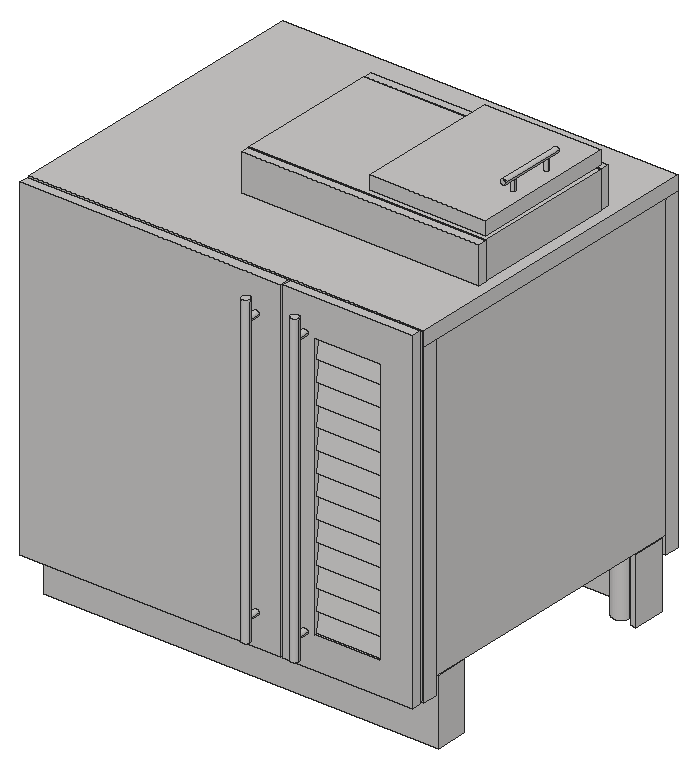
Revit family "Outdoor-Kitchen-Equipment_Kalamazoo-Smoker-Cabinets1", category Specialty Equipment, Revit 2018
Family settings
  Round Connector Dimension = Use Diameter
  Part Type = Normal
  OmniClass Number = 23.40.40.14.17
  OmniClass Title = Food Cooking Equipment
  Work Plane-Based = No
  Always vertical = Yes
  Cut with Voids When Loaded = No
  Shared = No
  Room Calculation Point = No
Parameters (values of type "K-SMOKE-36")
  Ι_Gnrc Mdl Optn 02 = Extension : -3/4"
  Ι_Gnrc Mdl Optn 01 = Extension : +3/4"
  Ι_FT70 = not(Ι_FT60)  # yes
  Ι_FT60 = no
  Ι_Dstnc [instance] = if(and(Ι_FT70, Height Extension = Ι_Gnrc Mdl Optn 01), 5.00", if(and(Ι_FT70, Height Extension = Ι_Gnrc Mdl Optn 02), 3.50", 4.25"))  # 4.25"
  Width = if(Ι_FT70, 36.00", 48.30078")  # 36.00"
  Weight (lb) = 404.999 lbf
  Voltage = 120 V
  URL = "https://kalamazoogourmet.com/products/built-in-smoker-cabinet/"
  Total Heating Capacity = 0.0 Btu/h
  Product data url = "https://www.bimobject.com/en-us/kalamazoogourmet/product/smoker-cabinets"
  Product Material = Kalamazoo - Stainless Steel - 304 OR 316L
  Product Guid = "2cceb01d-0b20-4e6c-b607-23c7b917c3ba"  # constant formula
  Power Factor = 0.8
  Number of Poles = 3
  Model = "K-SMOKE-36"
  Manufacturer = "Kalamazoo Outdoor Gourmet\r\n"  # constant formula
  Keynote = "11400"
  Height Extension [instance] = Extension : None
  Height [instance] = 36.95" + Ι_Dstnc  # 41.20"
  Front Toe-Kick [instance] = yes
  Frequency = 60 Hz
  FTK [instance] = and([Front Toe-Kick], Ι_FT70)  # yes
  Edition number = 1  # constant formula
  Description = "Built-In Smoker Cabinet"
  Depth = if(Ι_FT70, 30.00", 32.62891")  # 30.00"
  Current = 3 A
  Back Toe-Kick [instance] = yes
  BTK [instance] = and([Back Toe-Kick], Ι_FT70)  # yes
  Assembly Code = "E1090300"
  Apparent Load = Voltage * Current  # 360 VA
Types (3): name | Ι_FT70 | Ι_FT60 | Width | Weight (lb) | URL | Model | Front Toe-Kick | FTK | Description | Depth | Back Toe-Kick | BTK
  (no name) | yes | no | 36.00" | 404.999 lbf | "https://kalamazoogourmet.com/products/built-in-smoker-cabinet/" | "K-SMOKE-36" | yes | yes | "Built-In Smoker Cabinet" | 30.00" | yes | yes
  K-SMOKE-36 | yes | no | 36.00" | 404.999 lbf | "https://kalamazoogourmet.com/products/built-in-smoker-cabinet/" | "K-SMOKE-36" | yes | yes | "Built-In Smoker Cabinet" | 30.00" | yes | yes
  K-SMOKE-42-R | no | yes | 48.30078" | 489.999 lbf | "https://kalamazoogourmet.com/products/freestanding-smoker-cabinet/" | "K-SMOKE-42-R" | no | no | "Freestanding Smoker Cabinet" | 32.62891" | no | no
Reference planes (in)
  plane 1 "Center (Front/Back)": y = 0
  plane 2: z = 0
  plane 3 "Center (Left/Right)": x = 0
  plane 4: x = -18
  plane 5: x = 18
  plane 6: z = 4.25
  plane 7: z = 5.9235
  plane 8: z = 41.2
  plane 9: x = -14.85451
  plane 10: x = 14.85451
Forms (in)
  Extrusion 1, solid, material "Kalamazoo - Stainless Steel - 304 OR 316L" <- "Product Material", visible <- "Ι_FT70"
    sketch origin (0, 0, 0) x (1, 0, 0) y (0, 1, 0)
      loop
        circle (-16.0096, -3.92709) r 0.80748
      loop
        circle (16.0096, -3.92709) r 0.80748
      loop
        circle (-16.0096, -25.92709) r 0.80748
      loop
        circle (16.0096, -25.92709) r 0.80748
    from 0 to 5.9235
  Extrusion 2, solid, material "Kalamazoo - Stainless Steel - 304 OR 316L" <- "Product Material", visible <- "Ι_FT60"
    sketch origin (0, 0, 0) x (1, 0, 0) y (0, 0, 1)
      loop
        circle (-8.60825, 2) r 2
      loop
        circle (8.61212, 2) r 2
    from 25.028 to 26.278
  Extrusion 3, solid, material "Kalamazoo - Stainless Steel - 304 OR 316L" <- "Product Material", visible <- "Ι_FT60"
    sketch origin (0, 0, 0) x (1, 0, 0) y (0, 0, 1)
      loop
        circle (-8.60825, 2) r 2
      loop
        circle (8.61212, 2) r 2
    from 2.617 to 3.87626
  Extrusion 4, solid, material "Kalamazoo - Stainless Steel - 304 OR 316L" <- "Product Material", visible <- "Ι_FT60"
    sketch origin (0, 0, 0) x (1, 0, 0) y (0, 0, 1)
      loop
        line (-7.76512, 4.25) -> (-7.76512, 5.9235) -> (-9.44772, 5.9235) -> (-9.44772, 4.25) -> (-9.10114, 1.88452)
        arc (-9.10114, 1.88452) -> (-8.60642, 1.457) -> (-8.1117, 1.88452) r 0.5
        line (-8.1117, 1.88452) -> (-7.76512, 4.25)
      loop
        line (9.4558, 4.25) -> (9.4558, 5.9235) -> (7.7732, 5.9235) -> (7.7732, 4.25) -> (8.11978, 1.88452)
        arc (8.11978, 1.88452) -> (8.6145, 1.457) -> (9.10922, 1.88452) r 0.5
        line (9.10922, 1.88452) -> (9.4558, 4.25)
    from 2.332 to 4.152
  Extrusion 5, solid, material "Kalamazoo - Stainless Steel - 304 OR 316L" <- "Product Material", visible <- "Ι_FT60"
    sketch origin (0, 0, 0) x (1, 0, 0) y (0, 0, 1)
      loop
        line (-9.44772, 4.25) -> (-9.10114, 1.88452)
        arc (-9.10114, 1.88452) -> (-8.60642, 1.457) -> (-8.1117, 1.88452) r 0.5
        line (-8.1117, 1.88452) -> (-7.76512, 4.25) -> (-7.76512, 5.9235) -> (-9.44772, 5.9235) -> (-9.44772, 4.25)
      loop
        line (9.4558, 4.25) -> (9.4558, 5.9235) -> (7.7732, 5.9235) -> (7.7732, 4.25) -> (8.11978, 1.88452)
        arc (8.11978, 1.88452) -> (8.6145, 1.457) -> (9.10922, 1.88452) r 0.5
        line (9.10922, 1.88452) -> (9.4558, 4.25)
    from 24.743 to 26.563
  Extrusion 6, solid, material "Kalamazoo - Stainless Steel - 304 OR 316L" <- "Product Material", visible <- "BTK"
    sketch origin (0, 0.5, 0) x (1, 0, 0) y (0, 1, 0)
      loop
        line (18, -2.332) -> (-18, -2.332) -> (-18, -5.23457) -> (-17.5, -5.23457) -> (-17.5, -2.832) -> (17.5, -2.832) -> (17.5, -5.23457) -> (18, -5.23457) -> (18, -2.332)
    from 0 to 5.9235
  Extrusion 7, solid, material "Kalamazoo - Stainless Steel - 304 OR 316L" <- "Product Material", visible <- "FTK"
    sketch origin (0, -29.56404, 0) x (1, 0, 0) y (0, 1, 0)
      loop
        line (18, 2.332) -> (18, 5.23457) -> (17.5, 5.23457) -> (17.5, 2.832) -> (-17.5, 2.832) -> (-17.5, 5.23457) -> (-18, 5.23457) -> (-18, 2.332) -> (18, 2.332)
    from 0 to 5.9235
Dimensions and locks (in)
  equal spacing: plane 4, plane 3 "Center (Left/Right)", plane 5
  "Width": plane 4 to plane 5
  locked: plane 7 to plane 6 at 1.6735
  "Ι_Dstnc": plane 6 to plane 2
  locked: Extrusion 2 sketch curve to plane 2 at 2  (x2)
  "Height": plane 8 to level
  locked: plane 4 to plane 9 at 3.14549
  locked: plane 10 to plane 5 at 3.14549
  locked: plane 8 to nested 1 at 1.3625
  locked: Extrusion 2 sketch curve to plane 5 at 9.38788
  locked: plane 4 to Extrusion 2 sketch curve at 9.39175
  aligned and locked: plane 2 to level
  aligned and locked: plane 3 "Center (Left/Right)" to nested 1
  aligned and locked: Extrusion 1 to plane 2
  aligned and locked: plane 7 to Extrusion 1
  aligned and locked: Extrusion 6 to plane 2
  aligned and locked: plane 7 to Extrusion 6
  aligned and locked: Extrusion 3 sketch curve to Extrusion 2  (x4)
  aligned and locked: Extrusion 4 sketch curve to Extrusion 5  (x10)
  aligned and locked: Extrusion 7 to plane 7
Automatic sketch dimensions
  Extrusion 1 sketch curve to plane 4 = 1.9904"  (x2)
  plane 5 to Extrusion 1 sketch curve = 1.9904"  (x2)
  plane 1 "Center (Front/Back)" to Extrusion 1 sketch curve = 25.92709"  (x2)
  plane 1 "Center (Front/Back)" to Extrusion 1 sketch curve = 3.92709"  (x2)
  Extrusion 5 sketch curve to plane 6 = 0.00"  (x4)
  Extrusion 5 sketch curve to plane 7 = 0.00"  (x2)
  Extrusion 5 sketch curve to plane 4 = 8.55228"
  Extrusion 5 sketch curve to plane 4 = 8.89886"
  Extrusion 5 sketch curve to Extrusion 5 sketch curve = 0.49472"  (x4)
  level to Extrusion 5 sketch curve = 1.88452"  (x2)
  Extrusion 5 sketch curve to Extrusion 5 sketch curve = 1.6826"  (x2)
  plane 5 to Extrusion 5 sketch curve = 10.2268"
  Extrusion 5 sketch curve to Extrusion 5 sketch curve = 0.34658"
  Extrusion 5 sketch curve to Extrusion 5 sketch curve = 0.07248"  (x2)
  Extrusion 6 sketch curve to plane 4 = 0.00"
  Extrusion 6 sketch curve to plane 5 = 0.00"
  Extrusion 6 sketch curve to plane 4 = 0.50"
  plane 5 to Extrusion 6 sketch curve = 0.50"
  plane 1 "Center (Front/Back)" to Extrusion 6 sketch curve = 4.73457"  (x2)
  plane 1 "Center (Front/Back)" to Extrusion 6 sketch curve = 2.332"
  Extrusion 6 sketch curve to Extrusion 6 sketch curve = 0.50"
  Extrusion 7 sketch curve to plane 4 = 0.00"
  Extrusion 7 sketch curve to plane 5 = 0.00"
  plane 4 to Extrusion 7 sketch curve = 0.50"
  Extrusion 7 sketch curve to plane 5 = 0.50"
  Extrusion 7 sketch curve to plane 1 "Center (Front/Back)" = 24.32947"  (x2)
  Extrusion 7 sketch curve to Extrusion 7 sketch curve = 2.40257"
  Extrusion 7 sketch curve to Extrusion 7 sketch curve = 0.50"
  level to Extrusion 4 sketch curve = 1.88452"
  Extrusion 4 sketch curve to Extrusion 4 sketch curve = 0.07248"
  Extrusion 4 sketch curve to plane 6 = 0.00"
  Extrusion 4 sketch curve to Extrusion 4 sketch curve = 0.49472"  (x2)
  radius of Extrusion 1 sketch curve = 0.80748"  (x4)
  radius of Extrusion 2 sketch curve = 2.00"  (x2)
Nested families (in)
  nested 1: "Family1" at (0, 0, 4.4105), type "Family1"
Connectors (in)
  electrical at (0, -1.3125, 19.82), driven by "Number of Poles", driven by "Voltage", driven by "Apparent Load", driven by "Apparent Load", driven by "Apparent Load", driven by "Power Factor"
    settings: on nested 1, index 1, voltage 120 V, apparent load 0 VA, apparent load phase1 360 VA, apparent load phase2 360 VA, apparent load phase3 360 VA, power factor 0.8, load classification "Other", number of poles 3, system type 31, power factor state 1, is connector primary yes, connector utility no, sub classification motor no, connector description "Power Connector"
Definition of nested family "Family1"
  Parameters (values of type "Family1")
    b = not(a)  # yes
    a = no
    Product Material = none
  Reference planes (in)
    plane 1 "Center (Front/Back)": y = 0
    plane 2: z = 0
    plane 3 "Center (Left/Right)": x = 0
    plane 4: x = -18.0049
    plane 5: x = 18.0049
    plane 6: z = 0
    plane 7: z = 30.459
    plane 8: z = 1.6735
  Forms (in)
    Extrusion 1, solid, material <- "Product Material"
      sketch origin (0, 0, 0) x (0, 1, 0) y (0, 0, 1)
        loop
          line (-28.895, 0) -> (-27.5825, 0) -> (-27.5825, 29.1455) -> (-28.895, 29.1455) -> (-28.895, 0)
        loop
          line (-1.3125, 0) -> (0, 0) -> (0, 29.1455) -> (-1.3125, 29.1455) -> (-1.3125, 0)
      from -18.0049 to 18.0049
    Extrusion 2, solid, material <- "Product Material"
      sketch origin (0, 0, 0) x (0, 1, 0) y (0, 0, 1)
        loop
          line (0, 30.459) -> (-28.895, 30.459) -> (-28.895, 29.1455) -> (0, 29.1455) -> (0, 30.459)
      from -18.0049 to 18.0049
    Extrusion 3, solid, material <- "Product Material"
      sketch origin (0, 0, 0) x (0, 1, 0) y (0, 0, 1)
        loop
          line (-27.5825, 29.1455) -> (-27.5825, 1.6735) -> (-1.3125, 1.6735) -> (-1.3125, 29.1455) -> (-27.5825, 29.1455)
      from -18.0049 to 18.0049
    Extrusion 4, solid, material <- "Product Material"
      sketch origin (0, 0, 0) x (1, 0, 0) y (0, 1, 0)
        loop
          line (-17.9141, -29.171) -> (-17.9141, -30.0315) -> (5.8859, -30.0315) -> (5.8859, -29.171) -> (-17.9141, -29.171)
      from 0 to 30.459
    Extrusion 5, solid, material <- "Product Material", detail levels fine
      sketch origin (0, 0, 0) x (1, 0, 0) y (0, 1, 0)
        loop
          line (6.0639, -29.171) -> (6.0639, -30.0315) -> (17.8639, -30.0315) -> (17.8639, -29.171) -> (6.0639, -29.171)
      from 0 to 30.459
    Extrusion 6, solid, material <- "Product Material"
      sketch origin (0, 0, 0) x (1, 0, 0) y (0, 1, 0)
        loop
          line (-4.64635, -7.42845) -> (-4.64635, -20.54805) -> (16.97325, -20.54805) -> (16.97325, -7.42845) -> (-4.64635, -7.42845)
      from 30.459 to 33.8068
    Extrusion 7, solid, material <- "Product Material"
      sketch origin (0, 0, 0) x (1, 0, 0) y (0, 1, 0)
        loop
          line (-4.64635, -6.61595) -> (-4.64635, -7.36595) -> (16.97325, -7.36595) -> (16.97325, -6.61595) -> (-4.64635, -6.61595)
        loop
          line (-4.64635, -20.61055) -> (-4.64635, -21.36055) -> (16.97325, -21.36055) -> (16.97325, -20.61055) -> (-4.64635, -20.61055)
      from 30.459 to 33.8068
    Extrusion 8, solid, material <- "Product Material"
      sketch origin (0, 0, 0) x (1, 0, 0) y (0, 1, 0)
        loop
          line (6.39816, -7.42845) -> (6.39816, -20.54805) -> (16.97325, -20.54805) -> (16.97325, -7.42845) -> (6.39816, -7.42845)
      from 34.19596 to 35.427
    Extrusion 9, solid, material <- "Product Material"
      sketch origin (0, 0, 0) x (0, 1, 0) y (0, 0, 1)
        loop
          line (-17.54028, 34.19596) -> (-17.54028, 33.8068) -> (-10.45963, 33.8068) -> (-10.45963, 34.19596) -> (-17.54028, 34.19596)
      from 7.40309 to 16.19836
    Extrusion 10, solid, material <- "Product Material"
      sketch origin (0, 0, 0) x (1, 0, 0) y (0, 1, 0)
        loop
          line (-17.7821, -28.895) -> (-17.7821, -29.171) -> (17.79147, -29.171) -> (17.79147, -28.895) -> (-17.7821, -28.895)
      from 0.101 to 30.255
    Extrusion 11, solid, material <- "Product Material", detail levels fine
      sketch origin (0, 0, 0) x (1, 0, 0) y (0, 0, 1)
        loop
          circle (15.72325, 36.552) r 0.2375
      from 10.97263 to 17.00388
    Extrusion 12, solid, material <- "Product Material", detail levels fine
      sketch origin (0, 0, 0) x (1, 0, 0) y (0, 1, 0)
        loop
          circle (3.6359, -31.219) r 0.375
        loop
          circle (8.0639, -31.219) r 0.375
      from 1.08 to 29.08
    Extrusion 13, solid, material <- "Product Material", detail levels fine
      sketch origin (0, 0, 0) x (1, 0, 0) y (0, 0, 1)
        loop
          circle (3.64163, 27.30628) r 0.25
        loop
          circle (8.06752, 27.30628) r 0.25
        loop
          circle (3.63381, 2.88832) r 0.25
        loop
          circle (8.06361, 2.88832) r 0.25
      from 30.0315 to 31.15746
    Extrusion 14, solid, material <- "Product Material", detail levels fine
      sketch origin (0, 0, 0) x (1, 0, 0) y (0, 1, 0)
        loop
          circle (15.72401, -12.09467) r 0.18808
        loop
          circle (15.72401, -15.88373) r 0.18808
      from 35.427 to 36.552
    Sweep 15, void
      path origin (0, 0, 0) x (1, 0, 0) y (0, 1, 0)
        loop
          line (8.9389, 0) -> (14.9889, 0)
      profile origin (11.9639, 0, 0) x (0, 1, 0) y (0, 0, 1)
        loop
          line (-32.12267, 27.16637) -> (-32.12267, 2.89293) -> (-29.51589, 2.89293) -> (-29.92656, 2.99684) -> (-29.51589, 4.76402) -> (-29.92656, 4.83799) -> (-29.51589, 6.63512) -> (-29.92656, 6.71154) -> (-29.51589, 8.50621) -> (-29.92656, 8.58454) -> (-29.51589, 10.3773) -> (-29.92656, 10.45863) -> (-29.51589, 12.2484) -> (-29.92656, 12.33411) -> (-29.51589, 14.11949) -> (-29.92656, 14.20359) -> (-29.51589, 15.99058) -> (-29.92656, 16.07328) -> (-29.51589, 17.86174) -> (-29.92656, 17.95522) -> (-29.51589, 19.73277) -> (-29.92656, 19.82346) -> (-29.53628, 21.60308) -> (-29.93686, 21.69556) -> (-29.52598, 23.47525) -> (-29.92656, 23.56773) -> (-29.51589, 25.34654) -> (-29.91646, 25.43902) -> (-29.51767, 27.16637) -> (-32.12267, 27.16637)
    Extrusion 16, solid, material <- "Product Material", detail levels coarse+medium
      sketch origin (0, 0, 0) x (1, 0, 0) y (0, 1, 0)
        loop
          line (6.0639, -29.171) -> (6.0639, -30.0315) -> (17.8639, -30.0315) -> (17.8639, -29.171) -> (6.0639, -29.171)
      from 0 to 30.459
    Extrusion 17, solid, material <- "Product Material", visible <- "a"
      sketch origin (0, 0, 0) x (1, 0, 0) y (0, 0, 1)
        loop
          line (18.0049, 30.459) -> (18.0049, 0) -> (21.0049, 0) -> (21.0049, 30.459) -> (18.0049, 30.459)
        loop
          line (-18.0049, 30.459) -> (-21.0049, 30.459) -> (-21.0049, 0) -> (-18.0049, 0) -> (-18.0049, 30.459)
      from 0 to 30.0315
    Extrusion 18, solid, material <- "Product Material", visible <- "a"
      sketch origin (0, 0, 0) x (1, 0, 0) y (0, 1, 0)
        loop
          line (-22, 1) -> (-22, -31) -> (22, -31) -> (22, 1) -> (-22, 1)
        loop
          line (-4.77625, -6.49095) -> (-4.77625, -21.48555) -> (17.09335, -21.48555) -> (17.09335, -6.49095) -> (-4.77625, -6.49095)
      from 30.459 to 30.91944
    Extrusion 19, solid, material <- "Product Material", visible <- "a", detail levels fine
      sketch origin (0, 0, 0) x (1, 0, 0) y (0, 0, 1)
        loop
          circle (-23.5069, 28.447) r 0.625
        loop
          circle (23.5049, 28.445) r 0.625
      from 5 to 25
    Extrusion 20, solid, visible <- "a", detail levels fine
      sketch origin (0, 0, 0) x (0, 1, 0) y (0, 0, 1)
        loop
          circle (-22.48741, 28.46346) r 0.5
        loop
          circle (-7.51866, 28.46346) r 0.5
      from -23.08654 to -21.0049
    Extrusion 21, solid, visible <- "a", detail levels fine
      sketch origin (0, 0, 0) x (0, 1, 0) y (0, 0, 1)
        loop
          circle (-22.48741, 28.46346) r 0.5
        loop
          circle (-7.51866, 28.46346) r 0.5
      from 21.0049 to 23.49634
  Cuts and joins
    Sweep 15 cuts Extrusion 5
  Lines and regions (in)
    Masking region 1, visible <- "b"
      outline origin (0, 0, 0) x (1, 0, 0) y (0, 1, 0)
        loop
          line (-18.0049, 0) -> (-18.0049, -28.895) -> (18.0049, -28.895) -> (18.0049, 0) -> (-18.0049, 0)
    Masking region 2, visible <- "b"
      outline origin (0, 0, 0) x (1, 0, 0) y (0, 1, 0)
        loop
          line (-17.9141, -29.171) -> (-17.9141, -30.0315) -> (5.8859, -30.0315) -> (5.8859, -29.171) -> (-17.9141, -29.171)
        loop
          line (6.0639, -29.171) -> (6.0639, -30.0315) -> (17.8639, -30.0315) -> (17.8639, -29.171) -> (6.0639, -29.171)
    Masking region 3, visible <- "b"
      outline origin (0, 0, 0) x (1, 0, 0) y (0, 1, 0)
        loop
          line (-17.7821, -28.895) -> (-17.7821, -29.171) -> (17.79147, -29.171) -> (17.79147, -28.895) -> (-17.7821, -28.895)
    Masking region 4, visible <- "a"
      outline origin (0, 0, 0) x (1, 0, 0) y (0, 1, 0)
        loop
          line (-22, 1) -> (-22, -31) -> (22, -31) -> (22, 1) -> (-22, 1)
    Masking region 5, visible <- "a", detail levels fine
      outline origin (0, 0, 0) x (1, 0, 0) y (0, 1, 0)
        loop
          line (-22.8819, -5) -> (-24.1319, -5) -> (-24.1319, -25) -> (-22.8819, -25) -> (-22.8819, -22.98741) -> (-22, -22.98741) -> (-22, -21.98741) -> (-22.8819, -21.98741) -> (-22.8819, -8.01866) -> (-22, -8.01866) -> (-22, -7.01866) -> (-22.8819, -7.01866) -> (-22.8819, -5)
        loop
          line (22.8819, -5) -> (22.8819, -7.01866) -> (22, -7.01866) -> (22, -8.01866) -> (22.8819, -8.01866) -> (22.8819, -21.98741) -> (22, -21.98741) -> (22, -22.98741) -> (22.8819, -22.98741) -> (22.8819, -25) -> (24.1319, -25) -> (24.1319, -5) -> (22.8819, -5)
    Masking region 6, visible <- "b", detail levels fine
      outline origin (0, 0, 0) x (1, 0, 0) y (0, 1, 0)
        loop
          arc (3.38381, -30.94137) -> (3.63343, -31.59399) -> (3.89163, -30.94472) r 0.375
          line (3.89163, -30.94472) -> (3.89163, -30.0315) -> (3.38381, -30.0315) -> (3.38381, -30.94137)
        loop
          arc (7.81181, -30.94137) -> (8.06143, -31.59399) -> (8.31963, -30.94472) r 0.375
          line (8.31963, -30.94472) -> (8.31963, -30.0315) -> (7.81181, -30.0315) -> (7.81181, -30.94137)
    symbolic lines, visible <- "b", detail levels medium+fine
      curve 1: line (-15.94573, 0, 0) -> (-15.94573, -28.895, 0)
      curve 2: line (-15.94573, -26.8, 0) -> (5.9079, -26.8, 0)
      curve 3: line (5.9079, -28.895, 0) -> (5.9079, -21.36055, 0)
      curve 4: line (8.1639, -21.36055, 0) -> (8.1639, -28.895, 0)
      curve 5: line (15.9569, -21.36055, 0) -> (15.9569, -28.895, 0)
      curve 6: line (-15.94573, -2.095, 0) -> (5.9079, -2.095, 0)
      curve 7: line (5.9079, 0, 0) -> (5.9079, -6.5, 0)
      curve 8: line (8.1619, -6.5, 0) -> (8.1619, 0, 0)
      curve 9: line (15.9569, 0, 0) -> (15.9569, -6.5, 0)
    symbolic lines, detail levels medium+fine
      curve 10: line (-4.64635, -6.61595, 0) -> (16.97325, -6.61595, 0)
      curve 11: line (-4.64635, -7.36595, 0) -> (-4.64635, -6.61595, 0)
      curve 12: line (16.97325, -7.36595, 0) -> (-4.64635, -7.36595, 0)
      curve 13: line (16.97325, -6.61595, 0) -> (16.97325, -7.36595, 0)
      curve 14: line (-4.64635, -20.61055, 0) -> (16.97325, -20.61055, 0)
      curve 15: line (-4.64635, -21.36055, 0) -> (-4.64635, -20.61055, 0)
      curve 16: line (16.97325, -21.36055, 0) -> (-4.64635, -21.36055, 0)
      curve 17: line (16.97325, -20.61055, 0) -> (16.97325, -21.36055, 0)
      curve 18: line (-4.64635, -7.42845, 0) -> (6.39816, -7.42845, 0)
      curve 19: line (-4.64635, -20.54805, 0) -> (-4.64635, -7.42845, 0)
      curve 20: line (6.39816, -20.54805, 0) -> (-4.64635, -20.54805, 0)
      curve 21: line (6.39816, -7.42845, 0) -> (6.39816, -20.54805, 0)
      curve 22: line (6.39816, -7.42845, 0) -> (16.97325, -7.42845, 0)
      curve 23: line (6.39816, -20.54805, 0) -> (6.39816, -7.42845, 0)
      curve 24: line (16.97325, -20.54805, 0) -> (6.39816, -20.54805, 0)
      curve 25: line (16.97325, -7.42845, 0) -> (16.97325, -20.54805, 0)
    symbolic lines, detail levels fine
      curve 26: line (15.48575, -10.97263, 0) -> (15.96075, -10.97263, 0)
      curve 27: line (15.48575, -17.00388, 0) -> (15.48575, -10.97263, 0)
      curve 28: line (15.96075, -17.00388, 0) -> (15.48575, -17.00388, 0)
      curve 29: line (15.96075, -10.97263, 0) -> (15.96075, -17.00388, 0)
  Dimensions and locks (in)
    equal spacing: plane 4, plane 3 "Center (Left/Right)", plane 5
    plane 6 to plane 2 = 0.00"
    locked: plane 7 to plane 6 at 30.459
    locked: plane 7 to Extrusion 1 sketch curve at 1.3135  (x2)
    locked: Extrusion 2 sketch curve to plane 7 at 1.3135
    locked: Extrusion 3 sketch curve to plane 6 at 1.6735
    locked: Extrusion 3 sketch curve to plane 7 at 1.3135
    locked: plane 4 to Extrusion 4 sketch curve at 0.0908
    locked: Extrusion 4 sketch curve to plane 5 at 12.119
    locked: Extrusion 5 sketch curve to plane 5 at 0.141
    locked: plane 4 to Extrusion 5 sketch curve at 24.0688
    locked: plane 8 to plane 6 at 1.6735
    locked: Extrusion 10 sketch curve to plane 5 at 0.21343
    locked: plane 4 to Extrusion 10 sketch curve at 0.2228
    locked: Extrusion 11 sketch curve to plane 7 at 6.093
    locked: plane 7 to Extrusion 13 sketch curve at 3.15272  (x2)
    locked: plane 7 to Extrusion 13 sketch curve at 27.57068  (x2)
    locked: plane 7 to Extrusion 12 at 1.379
    locked: plane 8 to Extrusion 12 at 0.5935
    locked: plane 7 to Extrusion 10 at 0.204
    locked: plane 6 to Extrusion 10 at 0.101
    locked: Extrusion 7 to plane 7 at 3.3478
    locked: Extrusion 6 to plane 7 at 3.3478
    plane 7 to Extrusion 9 sketch curve to Extrusion 9 sketch curve = 3.3478" locked, 0.38916" locked
    Extrusion 14 to Extrusion 14 to plane 7 = 1.125" locked, 4.968" locked
    Extrusion 8 to Extrusion 8 to plane 7 = 1.23104" locked, 3.73696" locked
    aligned and locked: plane 2 to level
    aligned and locked: Extrusion 1 to plane 4
    aligned and locked: plane 5 to Extrusion 1
    aligned and locked: Extrusion 2 to plane 4
    aligned and locked: plane 5 to Extrusion 2
    aligned and locked: plane 6 to Extrusion 1 sketch curve  (x2)
    aligned and locked: Extrusion 2 sketch curve to plane 7
    aligned and locked: Extrusion 3 to plane 4
    aligned and locked: plane 5 to Extrusion 3
    aligned and locked: plane 6 to Extrusion 5
    aligned and locked: plane 6 to Extrusion 4
    aligned and locked: Extrusion 4 to plane 7
    aligned and locked: Extrusion 5 to plane 7
    aligned and locked: plane 7 to Extrusion 6
    aligned and locked: plane 7 to Extrusion 7
    aligned and locked: plane 1 "Center (Front/Back)" to Sweep 15 sketch curve
  Automatic sketch dimensions
    Extrusion 1 sketch curve to plane 1 "Center (Front/Back)" = 0.00"
    Extrusion 1 sketch curve to Extrusion 1 sketch curve = 1.3125"  (x2)
    Extrusion 1 sketch curve to Extrusion 1 sketch curve = 26.27"
    plane 1 "Center (Front/Back)" to Extrusion 2 sketch curve = 28.895"
    Extrusion 2 sketch curve to Extrusion 2 sketch curve = 28.895"
    plane 1 "Center (Front/Back)" to Extrusion 3 sketch curve = 27.5825"
    Extrusion 3 sketch curve to Extrusion 3 sketch curve = 26.27"
    plane 1 "Center (Front/Back)" to Extrusion 4 sketch curve = 30.0315"
    Extrusion 4 sketch curve to Extrusion 4 sketch curve = 0.8605"
    plane 1 "Center (Front/Back)" to Extrusion 5 sketch curve = 30.0315"
    Extrusion 5 sketch curve to Extrusion 5 sketch curve = 0.8605"
    Extrusion 6 sketch curve to plane 3 "Center (Left/Right)" = 4.64635"
    plane 3 "Center (Left/Right)" to Extrusion 6 sketch curve = 16.97325"
    plane 1 "Center (Front/Back)" to Extrusion 6 sketch curve = 20.54805"
    Extrusion 6 sketch curve to Extrusion 6 sketch curve = 13.1196"
    Extrusion 7 sketch curve to plane 3 "Center (Left/Right)" = 4.64635"  (x2)
    Extrusion 7 sketch curve to plane 5 = 1.03165"  (x2)
    plane 1 "Center (Front/Back)" to Extrusion 7 sketch curve = 21.36055"
    Extrusion 7 sketch curve to Extrusion 7 sketch curve = 0.75"  (x2)
    plane 1 "Center (Front/Back)" to Extrusion 7 sketch curve = 7.36595"
    plane 3 "Center (Left/Right)" to Extrusion 8 sketch curve = 6.39816"
    Extrusion 8 sketch curve to plane 5 = 1.03165"
    plane 1 "Center (Front/Back)" to Extrusion 8 sketch curve = 20.54805"
    Extrusion 8 sketch curve to Extrusion 8 sketch curve = 13.1196"
    plane 1 "Center (Front/Back)" to Extrusion 9 sketch curve = 17.54028"
    Extrusion 9 sketch curve to Extrusion 9 sketch curve = 7.08065"
    plane 1 "Center (Front/Back)" to Extrusion 10 sketch curve = 29.171"
    Extrusion 10 sketch curve to Extrusion 10 sketch curve = 0.276"
    plane 3 "Center (Left/Right)" to Extrusion 13 sketch curve = 3.63381"
    plane 3 "Center (Left/Right)" to Extrusion 13 sketch curve = 3.64163"
    Extrusion 13 sketch curve to Extrusion 13 sketch curve = 4.4298"
    Extrusion 13 sketch curve to Extrusion 13 sketch curve = 4.42589"
    Extrusion 14 sketch curve to plane 5 = 2.28089"  (x2)
    plane 1 "Center (Front/Back)" to Extrusion 14 sketch curve = 15.88373"
    Extrusion 14 sketch curve to Extrusion 14 sketch curve = 3.78906"
    Extrusion 11 sketch curve to plane 5 = 2.28165"
    plane 3 "Center (Left/Right)" to Sweep 15 sketch curve = 8.9389"
    Sweep 15 sketch curve to plane 5 = 3.016"
    profile plane to Sweep 15 sketch curve = 32.12267"
    Sweep 15 sketch curve to Sweep 15 sketch curve = 2.18582"
    level to Sweep 15 sketch curve = 2.99684"
    Sweep 15 sketch curve to Sweep 15 sketch curve = 2.19612"
    Sweep 15 sketch curve to Sweep 15 sketch curve = 0.00"  (x8)
    Sweep 15 sketch curve to Sweep 15 sketch curve = 0.0103"  (x2)
    level to Sweep 15 sketch curve = 10.45863"
    level to Sweep 15 sketch curve = 8.58454"
    level to Sweep 15 sketch curve = 4.83799"
    level to Sweep 15 sketch curve = 6.71154"
    Sweep 15 sketch curve to Sweep 15 sketch curve = 0.01009"
    Sweep 15 sketch curve to Sweep 15 sketch curve = 0.40058"  (x3)
    Sweep 15 sketch curve to Sweep 15 sketch curve = 0.39879"
    Sweep 15 sketch curve to Sweep 15 sketch curve = 0.41067"  (x10)
    level to Sweep 15 sketch curve = 8.50621"
    level to Sweep 15 sketch curve = 6.63512"
    level to Sweep 15 sketch curve = 4.76402"
    level to Sweep 15 sketch curve = 2.89293"
    Sweep 15 sketch curve to Sweep 15 sketch curve = 0.08133"
    Sweep 15 sketch curve to Sweep 15 sketch curve = 1.78977"
    Sweep 15 sketch curve to Sweep 15 sketch curve = 0.08572"
    Sweep 15 sketch curve to Sweep 15 sketch curve = 1.78538"
    Sweep 15 sketch curve to Sweep 15 sketch curve = 0.0841"
    Sweep 15 sketch curve to Sweep 15 sketch curve = 1.787"
    Sweep 15 sketch curve to Sweep 15 sketch curve = 0.0827"
    Sweep 15 sketch curve to Sweep 15 sketch curve = 1.78845"
    Sweep 15 sketch curve to Sweep 15 sketch curve = 0.09349"
    Sweep 15 sketch curve to Sweep 15 sketch curve = 1.77755"
    Sweep 15 sketch curve to Sweep 15 sketch curve = 0.09069"
    Sweep 15 sketch curve to Sweep 15 sketch curve = 1.77962"
    Sweep 15 sketch curve to Sweep 15 sketch curve = 0.09248"
    plane 3 "Center (Left/Right)" to Extrusion 16 sketch curve = 6.0639"
    Extrusion 16 sketch curve to Extrusion 16 sketch curve = 11.80"
    plane 1 "Center (Front/Back)" to Extrusion 16 sketch curve = 30.0315"
    Extrusion 16 sketch curve to Extrusion 16 sketch curve = 0.8605"
    Extrusion 17 sketch curve to plane 7 = 0.00"  (x2)
    Extrusion 17 sketch curve to level = 0.00"  (x2)
    Extrusion 17 sketch curve to plane 4 = 0.00"
    Extrusion 17 sketch curve to plane 5 = 0.00"
    Extrusion 17 sketch curve to Extrusion 17 sketch curve = 3.00"
    plane 5 to Extrusion 17 sketch curve = 3.00"
    Extrusion 18 sketch curve to plane 4 = 3.9951"
    plane 4 to Extrusion 18 sketch curve = 40.0049"
    plane 1 "Center (Front/Back)" to Extrusion 18 sketch curve = 31.00"
    Extrusion 18 sketch curve to Extrusion 18 sketch curve = 32.00"
    Extrusion 18 sketch curve to plane 3 "Center (Left/Right)" = 4.77625"
    Extrusion 18 sketch curve to plane 5 = 0.91155"
    Extrusion 18 sketch curve to Extrusion 18 sketch curve = 9.51445"
    plane 1 "Center (Front/Back)" to Extrusion 18 sketch curve = 6.49095"
    plane 7 to Extrusion 20 sketch curve = 1.99554"  (x2)
    plane 1 "Center (Front/Back)" to Extrusion 20 sketch curve = 22.48741"
    plane 1 "Center (Front/Back)" to Extrusion 20 sketch curve = 7.51866"
    plane 7 to Extrusion 21 sketch curve = 1.99554"  (x2)
    plane 1 "Center (Front/Back)" to Extrusion 21 sketch curve = 22.48741"
    Extrusion 21 sketch curve to Extrusion 21 sketch curve = 0.50"  (x2)
    Extrusion 21 sketch curve to Extrusion 21 sketch curve = 0.00"  (x2)
    plane 1 "Center (Front/Back)" to Extrusion 21 sketch curve = 7.51866"
    plane 1 "Center (Front/Back)" to Masking region 1 sketch curve = 0.00"
    Masking region 1 sketch curve to plane 4 = 0.00"
    plane 5 to Masking region 1 sketch curve = 0.00"
    plane 1 "Center (Front/Back)" to Masking region 1 sketch curve = 28.895"
    plane 1 "Center (Front/Back)" to curve 1 = 0.00"
    plane 1 "Center (Front/Back)" to curve 7 = 0.00"
    plane 1 "Center (Front/Back)" to curve 8 = 0.00"
    plane 1 "Center (Front/Back)" to curve 9 = 0.00"
    curve 10 to plane 5 = 1.03165"
    curve 17 to plane 5 = 1.03165"
    curve 25 to curve 14 = 0.00"
    curve 29 to plane 5 = 2.04415"
    curve 27 to curve 26 = 0.475"
    plane 3 "Center (Left/Right)" to curve 23 = 6.39816"
    curve 10 to plane 3 "Center (Left/Right)" = 4.64635"
    curve 19 to curve 11 = 0.00"
    curve 14 to curve 19 = 0.00"
    plane 1 "Center (Front/Back)" to curve 10 = 6.61595"
    curve 13 to curve 10 = 0.75"
    curve 22 to curve 12 = 0.0625"
    curve 26 to curve 22 = 3.54418"
    curve 27 to curve 26 = 6.03125"
    curve 24 to curve 27 = 3.54417"
    curve 15 to curve 19 = 0.0625"
    curve 17 to curve 14 = 0.75"
    curve 5 to curve 16 = 1.01635"
    curve 9 to plane 5 = 2.048"
    curve 20 to curve 4 = 1.76574"
    curve 18 to curve 8 = 1.76374"
    curve 3 to curve 20 = 0.49026"
    curve 7 to curve 18 = 0.49026"
    plane 4 to curve 6 = 2.05917"
    curve 6 to curve 1 = 2.095"
    curve 18 to curve 7 = 0.92845"
    curve 2 to curve 15 = 5.43945"
    curve 1 to curve 2 = 2.095"
    curve 5 to curve 5 = 7.53445"
    curve 4 to curve 2 = 2.095"
    curve 3 to curve 2 = 2.095"
    curve 10 to curve 9 = 0.11595"
    curve 18 to curve 8 = 0.92845"
    plane 4 to Masking region 2 sketch curve = 0.0908"
    plane 3 "Center (Left/Right)" to Masking region 2 sketch curve = 5.8859"
    Masking region 2 sketch curve to Masking region 2 sketch curve = 0.178"
    Masking region 2 sketch curve to Masking region 2 sketch curve = 11.80"
    plane 1 "Center (Front/Back)" to Masking region 2 sketch curve = 30.0315"
    Masking region 2 sketch curve to Masking region 2 sketch curve = 0.00"
    Masking region 2 sketch curve to Masking region 2 sketch curve = 0.8605"  (x2)
    plane 4 to Masking region 3 sketch curve = 0.2228"
    Masking region 3 sketch curve to plane 5 = 0.21343"
    plane 1 "Center (Front/Back)" to Masking region 3 sketch curve = 29.171"
    Masking region 3 sketch curve to Masking region 3 sketch curve = 0.276"
    Masking region 4 sketch curve to plane 1 "Center (Front/Back)" = 1.00"
    Masking region 4 sketch curve to plane 4 = 3.9951"
    plane 5 to Masking region 4 sketch curve = 3.9951"
    plane 1 "Center (Front/Back)" to Masking region 4 sketch curve = 31.00"
    Masking region 5 sketch curve to Masking region 5 sketch curve = 1.25"  (x3)
    Masking region 5 sketch curve to Masking region 5 sketch curve = 0.00"
    Masking region 5 sketch curve to Masking region 5 sketch curve = 0.8819"  (x5)
    plane 5 to Masking region 5 sketch curve = 3.9951"  (x2)
    plane 1 "Center (Front/Back)" to Masking region 5 sketch curve = 25.00"  (x2)
    Masking region 5 sketch curve to Masking region 5 sketch curve = 2.01259"  (x2)
    Masking region 5 sketch curve to Masking region 5 sketch curve = 1.00"  (x4)
    plane 1 "Center (Front/Back)" to Masking region 5 sketch curve = 8.01866"  (x2)
    Masking region 5 sketch curve to Masking region 5 sketch curve = 2.01866"  (x2)
    plane 3 "Center (Left/Right)" to Masking region 6 sketch curve = 3.38381"
    Masking region 6 sketch curve to Masking region 6 sketch curve = 0.25209"  (x2)
    Masking region 6 sketch curve to Masking region 6 sketch curve = 0.25573"  (x2)
    Masking region 6 sketch curve to Masking region 6 sketch curve = 3.92019"
    plane 1 "Center (Front/Back)" to Masking region 6 sketch curve = 31.219"
    Masking region 6 sketch curve to Masking region 6 sketch curve = 0.00"
    Masking region 6 sketch curve to Masking region 6 sketch curve = 0.27428"  (x2)
    Masking region 6 sketch curve to Masking region 6 sketch curve = 0.90987"  (x2)
    Masking region 5 sketch curve to plane 4 = 3.9951"
    radius of Extrusion 13 sketch curve = 0.25"  (x4)
    radius of Extrusion 14 sketch curve = 0.18808"  (x2)
    radius of Extrusion 11 sketch curve = 0.2375"
    radius of Extrusion 20 sketch curve = 0.50"  (x2)
